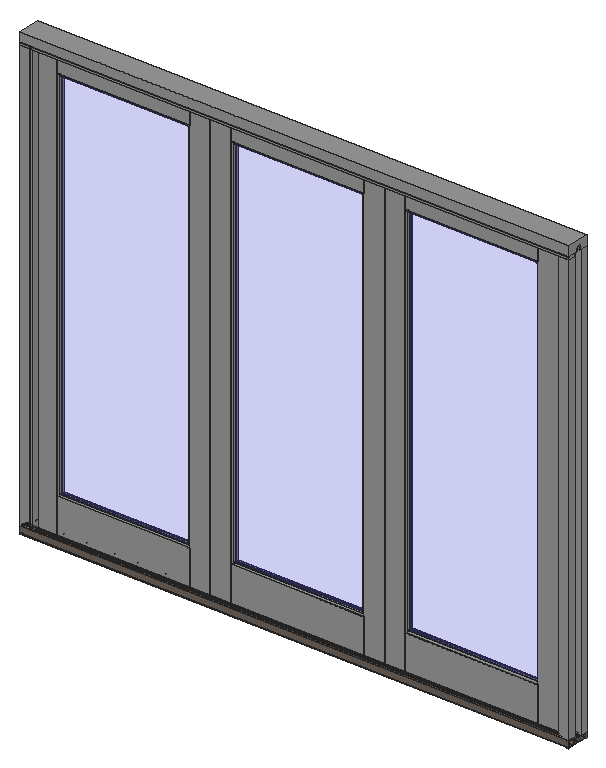
Revit family "VSFA 2560 G1 RH", category Doors, host Wall, Revit 2015
Parameters (values of type "VSFA 2560 G1 RH")
  Function = Interior
  Frame Projection Ext. = 25 mm
  Frame Projection Int. = 25 mm
  Frame Width = 75 mm
  Height = 2100 mm
  Wall Closure = By host
  Width = 2560 mm
Reference planes
  plane 1: y = 0
  plane 2 "Center (Left/Right)": x = 0
  plane 3 "Left": x = -1280
  plane 4 "Right": x = 1280
  plane 5: z = 2100
  plane 6 "Exterior": y = 75
  plane 7 "Interior": y = -75
  plane 8: x = 1205
  plane 9: x = -1235
  plane 10: x = 1204
  plane 11: x = 391
  plane 12: x = -422
Forms (mm)
  Extrusion 1, solid, material "Aluminium Cill (Bronze)"
    sketch origin (0, 79.18, -119.746) x (0, 1, 0) y (0, 0, -1)
      loop
        arc (-26.68, -120.746) -> (-26.972, -120.039) -> (-27.68, -119.746) r 1
        line (-27.68, -119.746) -> (-130.68, -119.746)
        arc (-130.68, -119.746) -> (-131.387, -120.039) -> (-131.68, -120.746) r 1
        line (-131.68, -120.746) -> (-131.68, -150.746)
        arc (-131.68, -150.746) -> (-131.387, -151.453) -> (-130.68, -151.746) r 1
        line (-130.68, -151.746) -> (-120.912, -151.746)
        arc (-120.912, -151.746) -> (-119.18, -150.746) -> (-117.447, -151.746) r 2
        line (-117.447, -151.746) -> (-112.912, -151.746)
        arc (-112.912, -151.746) -> (-111.18, -150.746) -> (-109.447, -151.746) r 2
        line (-109.447, -151.746) -> (-99.68, -151.746)
        arc (-99.68, -151.746) -> (-98.972, -151.453) -> (-98.68, -150.746) r 1
        line (-98.68, -150.746) -> (-98.68, -149.246)
        arc (-98.68, -149.246) -> (-99.18, -148.746) -> (-99.68, -149.246) r 0.5
        line (-99.68, -149.246) -> (-99.68, -150.246) -> (-100.88, -150.246) -> (-100.88, -142.734) -> (-99.68, -142.734) -> (-99.68, -143.746)
        arc (-99.68, -143.746) -> (-99.18, -144.246) -> (-98.68, -143.746) r 0.5
        line (-98.68, -143.746) -> (-98.68, -138.746) -> (-90.432, -138.746) -> (-82.18, -138.746) -> (-82.18, -135.246)
        arc (-82.18, -135.246) -> (-81.74, -134.185) -> (-80.68, -133.746) r 1.5
        line (-80.68, -133.746) -> (-75.93, -133.746) -> (-75.93, -135.746) -> (-77.363, -135.746)
        arc (-77.363, -135.746) -> (-74.68, -138.746) -> (-71.996, -135.746) r 2.7
        line (-71.996, -135.746) -> (-73.43, -135.746) -> (-73.43, -133.746) -> (-68.68, -133.746)
        arc (-68.68, -133.746) -> (-67.619, -134.185) -> (-67.18, -135.246) r 1.5
        line (-67.18, -135.246) -> (-67.18, -138.746) -> (-60.412, -138.746)
        arc (-60.412, -138.746) -> (-58.68, -137.746) -> (-56.947, -138.746) r 2
        line (-56.947, -138.746) -> (-52.412, -138.746)
        arc (-52.412, -138.746) -> (-50.68, -137.746) -> (-48.947, -138.746) r 2
        line (-48.947, -138.746) -> (-44.412, -138.746)
        arc (-44.412, -138.746) -> (-42.68, -137.746) -> (-40.947, -138.746) r 2
        line (-40.947, -138.746) -> (-29.68, -138.746)
        arc (-29.68, -138.746) -> (-27.558, -137.867) -> (-26.68, -135.746) r 3
        line (-26.68, -135.746) -> (-26.68, -120.746)
      loop
        arc (-29.68, -137.246) -> (-28.619, -136.807) -> (-28.18, -135.746) r 1.5
        line (-28.18, -135.746) -> (-28.18, -121.246) -> (-73.93, -121.246) -> (-73.93, -132.246) -> (-68.68, -132.246)
        arc (-68.68, -132.246) -> (-66.558, -133.125) -> (-65.68, -135.246) r 3
        line (-65.68, -135.246) -> (-65.68, -137.246) -> (-61.129, -137.246)
        arc (-61.129, -137.246) -> (-58.68, -136.246) -> (-56.23, -137.246) r 3.5
        line (-56.23, -137.246) -> (-53.129, -137.246)
        arc (-53.129, -137.246) -> (-50.68, -136.246) -> (-48.23, -137.246) r 3.5
        line (-48.23, -137.246) -> (-45.129, -137.246)
        arc (-45.129, -137.246) -> (-42.68, -136.246) -> (-40.23, -137.246) r 3.5
        line (-40.23, -137.246) -> (-29.68, -137.246)
      loop
        line (-75.43, -132.246) -> (-75.43, -121.246) -> (-98.68, -121.246) -> (-98.68, -137.246) -> (-83.68, -137.246) -> (-83.68, -135.246)
        arc (-83.68, -135.246) -> (-82.801, -133.125) -> (-80.68, -132.246) r 3
        line (-80.68, -132.246) -> (-75.43, -132.246)
      loop
        line (-100.18, -121.246) -> (-130.18, -121.246) -> (-130.18, -150.246) -> (-121.629, -150.246)
        arc (-121.629, -150.246) -> (-119.18, -149.246) -> (-116.73, -150.246) r 3.5
        line (-116.73, -150.246) -> (-113.629, -150.246)
        arc (-113.629, -150.246) -> (-111.18, -149.246) -> (-108.73, -150.246) r 3.5
        line (-108.73, -150.246) -> (-102.38, -150.246) -> (-102.38, -141.246) -> (-100.18, -141.246) -> (-100.18, -121.246)
    from -1280 to 1280
  Extrusion 2, solid, material "Lauan, Meranti"
    sketch origin (-122.148, 0, 0) x (0, 1, 0) y (0, 0, 1)
      loop
        line (52.5, 2100) -> (-52.5, 2100) -> (-52.5, 2055) -> (-6.5, 2055) -> (-6.5, 2075) -> (15.5, 2075) -> (15.5, 2055) -> (52.5, 2055) -> (52.5, 2100)
    from -1157.852 to 1402.148
  Extrusion 3, solid, material "Lauan, Meranti"
    sketch origin (2.986, 0, 0) x (0, 1, 0) y (0, 0, 1)
      loop
        line (-52.5, 2052) -> (-52.5, 2042) -> (-20.5, 2042) -> (-20.5, 2045.5) -> (-27.5, 2045.5) -> (-27.5, 2048.5) -> (-20.5, 2048.5) -> (-20.5, 2055) -> (-49.5, 2055) -> (-49.5, 2052) -> (-52.5, 2052)
    from -1282.986 to 1277.014
  Extrusion 4, solid, material "Lauan, Meranti"
    sketch origin (615, 0, 0) x (1, 0, 0) y (0, 1, 0)
      loop
        line (665, -52.5) -> (665, -16.5) -> (620, -16.5) -> (620, -52.5) -> (665, -52.5)
      loop
        line (665, 52.5) -> (620, 52.5) -> (620, 25.5) -> (665, 25.5) -> (665, 52.5)
      loop
        line (590, 24.5) -> (590, -15.5) -> (635, -15.5) -> (635, -5.5) -> (610, -5.5) -> (610, 14.5) -> (635, 14.5) -> (635, 24.5) -> (590, 24.5)
    from 32 to 2055
  Extrusion 5, solid, material "Lauan, Meranti"
    sketch origin (-615, 0, 0) x (1, 0, 0) y (0, 1, 0)
      loop
        line (-665, 52.5) -> (-665, -52.5) -> (-620, -52.5) -> (-620, 24.5) -> (-632, 24.5) -> (-632, 52.5) -> (-665, 52.5)
    from 32 to 2055
  Extrusion 6, solid, material "Lauan, Meranti"
    sketch origin (-615, 0, 0) x (1, 0, 0) y (0, 1, 0)
      loop
        line (-617, -52.5) -> (-607, -52.5) -> (-607, -20.5) -> (-610.5, -20.5) -> (-610.5, -27.5) -> (-613.5, -27.5) -> (-613.5, -20.5) -> (-620, -20.5) -> (-620, -49.5) -> (-617, -49.5) -> (-617, -52.5)
    from 32 to 2042
  Extrusion 7, solid, material "Steel, Chrome Plated"
    sketch origin (129.456, -1.5, 0) x (0, 1, 0) y (0, 0, -1)
      loop
        line (16.5, -2075) -> (16.5, -2055) -> (14.3, -2055) -> (14.3, -2072.8) -> (-2.3, -2072.8) -> (-2.3, -2055) -> (-4.5, -2055) -> (-4.5, -2075) -> (16.5, -2075)
    from -1150.544 to 1409.456
  Extrusion 8, solid, material "Lauan, Meranti"
    sketch origin (-615, 0, 0) x (1, 0, 0) y (0, 1, 0)
      loop
        line (-665, 52.5) -> (-665, -19.5) -> (-620, -19.5) -> (-620, 24.5) -> (-632, 24.5) -> (-632, 52.5) -> (-665, 52.5)
    from 19 to 32
  Extrusion 9, solid, material "Lauan, Meranti"
    sketch origin (615, 0, 0) x (1, 0, 0) y (0, 1, 0)
      loop
        line (620, 52.5) -> (620, 25.5) -> (665, 25.5) -> (665, 52.5) -> (620, 52.5)
      loop
        line (635, 24.5) -> (590, 24.5) -> (590, -15.5) -> (635, -15.5) -> (635, -5.5) -> (610, -5.5) -> (610, 14.5) -> (635, 14.5) -> (635, 24.5)
    from 19 to 32
  Extrusion 10, solid, material "Lauan, Meranti"
    sketch origin (1524, 0, 0) x (1, 0, 0) y (0, 1, 0)
      loop
        line (-1133, -15.5) -> (-1037, -15.5) -> (-1037, -13.5)
        arc (-1037, -13.5) -> (-1032.265, -11.94) -> (-1030, -7.5) r 6.549
        line (-1030, -7.5) -> (-1028, -7.5) -> (-1028, -5.5) -> (-1037, -5.5) -> (-1037, 24.5) -> (-1133, 24.5) -> (-1133, -15.5)
      loop
        line (-320, -15.5) -> (-320, 24.5) -> (-416, 24.5) -> (-416, -5.5) -> (-425, -5.5) -> (-425, -7.5) -> (-423, -7.5)
        arc (-423, -7.5) -> (-420.735, -11.94) -> (-416, -13.5) r 6.549
        line (-416, -13.5) -> (-416, -15.5) -> (-320, -15.5)
    from 19 to 2055
  Extrusion 11, solid, material "Lauan, Meranti"
    sketch origin (859.235, 0, 0) x (0, 1, 0) y (0, 0, 1)
      loop
        line (-15.5, 190) -> (-15.5, 19) -> (24.5, 19) -> (24.5, 190) -> (-5.5, 190) -> (-5.5, 199) -> (-7.5, 199) -> (-7.5, 197)
        arc (-7.5, 197) -> (-11.866, 194.67) -> (-13.5, 190) r 6.807
        line (-13.5, 190) -> (-15.5, 190)
      loop
        line (-7.5, 1952) -> (-7.5, 1950) -> (-5.5, 1950) -> (-5.5, 1959) -> (24.5, 1959) -> (24.5, 2055) -> (-15.5, 2055) -> (-15.5, 1959) -> (-13.5, 1959)
        arc (-13.5, 1959) -> (-11.866, 1954.33) -> (-7.5, 1952) r 6.807
    from -372.235 to 248.765
  Sweep 12, solid, material "Lauan, Meranti"
    path origin (566.876, -75, -1252.272) x (1, 0, 0) y (0, 0, 1)
      loop
        line (-79.876, 3211.272) -> (-79.876, 1442.272) -> (541.124, 1442.272) -> (541.124, 3211.272) -> (-79.876, 3211.272)
    profile origin (797.5, -75, 1959) x (0, 0, 1) y (0, -1, 0)
      loop
        line (-9, -78) -> (-9, -80) -> (-7, -80)
        arc (-7, -80) -> (-4.67, -84.366) -> (0, -86) r 6.807
        line (0, -86) -> (0, -78) -> (-9, -78)
  Extrusion 13, solid, material "Glass"
    sketch origin (835.808, -110.55, -763.769) x (1, 0, 0) y (0, 0, 1)
      loop
        line (-348.808, 2722.769) -> (-348.808, 953.769) -> (272.192, 953.769) -> (272.192, 2722.769) -> (-348.808, 2722.769)
    from -112.5 to -106.1
  Extrusion 14, solid, material "Lauan, Meranti"
    sketch origin (711, 0, 0) x (1, 0, 0) y (0, 1, 0)
      loop
        line (-1133, -15.5) -> (-1037, -15.5) -> (-1037, -13.5)
        arc (-1037, -13.5) -> (-1032.265, -11.94) -> (-1030, -7.5) r 6.549
        line (-1030, -7.5) -> (-1028, -7.5) -> (-1028, -5.5) -> (-1037, -5.5) -> (-1037, 24.5) -> (-1133, 24.5) -> (-1133, -15.5)
      loop
        line (-320, -15.5) -> (-320, 24.5) -> (-416, 24.5) -> (-416, -5.5) -> (-425, -5.5) -> (-425, -7.5) -> (-423, -7.5)
        arc (-423, -7.5) -> (-420.735, -11.94) -> (-416, -13.5) r 6.549
        line (-416, -13.5) -> (-416, -15.5) -> (-320, -15.5)
    from 19 to 2055
  Extrusion 15, solid, material "Lauan, Meranti"
    sketch origin (46.235, 0, 0) x (0, 1, 0) y (0, 0, 1)
      loop
        line (-15.5, 190) -> (-15.5, 19) -> (24.5, 19) -> (24.5, 190) -> (-5.5, 190) -> (-5.5, 199) -> (-7.5, 199) -> (-7.5, 197)
        arc (-7.5, 197) -> (-11.866, 194.67) -> (-13.5, 190) r 6.807
        line (-13.5, 190) -> (-15.5, 190)
      loop
        line (-7.5, 1952) -> (-7.5, 1950) -> (-5.5, 1950) -> (-5.5, 1959) -> (24.5, 1959) -> (24.5, 2055) -> (-15.5, 2055) -> (-15.5, 1959) -> (-13.5, 1959)
        arc (-13.5, 1959) -> (-11.866, 1954.33) -> (-7.5, 1952) r 6.807
    from -372.235 to 248.765
  Sweep 16, solid, material "Lauan, Meranti"
    path origin (-246.124, -75, -1252.272) x (1, 0, 0) y (0, 0, 1)
      loop
        line (-79.876, 3211.272) -> (-79.876, 1442.272) -> (541.124, 1442.272) -> (541.124, 3211.272) -> (-79.876, 3211.272)
    profile origin (-15.5, -75, 1959) x (0, 0, 1) y (0, -1, 0)
      loop
        line (-9, -78) -> (-9, -80) -> (-7, -80)
        arc (-7, -80) -> (-4.67, -84.366) -> (0, -86) r 6.807
        line (0, -86) -> (0, -78) -> (-9, -78)
  Extrusion 17, solid, material "Glass"
    sketch origin (22.808, -110.55, -763.769) x (1, 0, 0) y (0, 0, 1)
      loop
        line (-348.808, 2722.769) -> (-348.808, 953.769) -> (272.192, 953.769) -> (272.192, 2722.769) -> (-348.808, 2722.769)
    from -112.5 to -106.1
  Extrusion 18, solid, material "Lauan, Meranti"
    sketch origin (-102, 0, 0) x (1, 0, 0) y (0, 1, 0)
      loop
        line (-1133, -15.5) -> (-1037, -15.5) -> (-1037, -13.5)
        arc (-1037, -13.5) -> (-1032.265, -11.94) -> (-1030, -7.5) r 6.549
        line (-1030, -7.5) -> (-1028, -7.5) -> (-1028, -5.5) -> (-1037, -5.5) -> (-1037, 24.5) -> (-1133, 24.5) -> (-1133, -15.5)
      loop
        line (-320, -15.5) -> (-320, 24.5) -> (-416, 24.5) -> (-416, -5.5) -> (-425, -5.5) -> (-425, -7.5) -> (-423, -7.5)
        arc (-423, -7.5) -> (-420.735, -11.94) -> (-416, -13.5) r 6.549
        line (-416, -13.5) -> (-416, -15.5) -> (-320, -15.5)
    from 19 to 2055
  Extrusion 19, solid, material "Lauan, Meranti"
    sketch origin (-766.765, 0, 0) x (0, 1, 0) y (0, 0, 1)
      loop
        line (-15.5, 190) -> (-15.5, 19) -> (24.5, 19) -> (24.5, 190) -> (-5.5, 190) -> (-5.5, 199) -> (-7.5, 199) -> (-7.5, 197)
        arc (-7.5, 197) -> (-11.866, 194.67) -> (-13.5, 190) r 6.807
        line (-13.5, 190) -> (-15.5, 190)
      loop
        line (-7.5, 1952) -> (-7.5, 1950) -> (-5.5, 1950) -> (-5.5, 1959) -> (24.5, 1959) -> (24.5, 2055) -> (-15.5, 2055) -> (-15.5, 1959) -> (-13.5, 1959)
        arc (-13.5, 1959) -> (-11.866, 1954.33) -> (-7.5, 1952) r 6.807
    from -372.235 to 248.765
  Sweep 20, solid, material "Lauan, Meranti"
    path origin (-1059.124, -75, -1252.272) x (1, 0, 0) y (0, 0, 1)
      loop
        line (-79.876, 3211.272) -> (-79.876, 1442.272) -> (541.124, 1442.272) -> (541.124, 3211.272) -> (-79.876, 3211.272)
    profile origin (-828.5, -75, 1959) x (0, 0, 1) y (0, -1, 0)
      loop
        line (-9, -78) -> (-9, -80) -> (-7, -80)
        arc (-7, -80) -> (-4.67, -84.366) -> (0, -86) r 6.807
        line (0, -86) -> (0, -78) -> (-9, -78)
  Extrusion 21, solid, material "Glass"
    sketch origin (-790.192, -110.55, -763.769) x (1, 0, 0) y (0, 0, 1)
      loop
        line (-348.808, 2722.769) -> (-348.808, 953.769) -> (272.192, 953.769) -> (272.192, 2722.769) -> (-348.808, 2722.769)
    from -112.5 to -106.1
Cuts and joins
  joined: Extrusion 4, Extrusion 9
  joined: Extrusion 5, Extrusion 8
Lines and regions (mm)
  Opening 1
    outline origin (-5000, 75, 0) x (-1, 0, 0) y (0, 0, 1)
      loop
        line (-6280, 0) -> (-3720, 0) -> (-3720, 2100) -> (-6280, 2100) -> (-6280, 0)
  model lines
    curve 1: line (1205, 24.5, 0) -> (798.5, 728.579, 0)
    curve 2: line (798.5, 728.579, 0) -> (763.859, 708.579, 0)
    curve 3: line (763.859, 708.579, 0) -> (1170.359, 4.5, 0)
    curve 4: line (322.718, 24.5, 0) -> (729.218, 728.579, 0)
    curve 5: line (729.218, 728.579, 0) -> (763.859, 708.579, 0)
    curve 6: line (763.859, 708.579, 0) -> (357.359, 4.5, 0)
    curve 7: line (322.718, 24.5, 0) -> (-83.782, 728.579, 0)
    curve 8: line (-83.782, 728.579, 0) -> (-118.423, 708.579, 0)
    curve 9: line (288.077, 4.5, 0) -> (-118.423, 708.579, 0)
    curve 10: line (634.802, 99.5, 1050) -> (809.802, 99.5, 1050)
    curve 11: line (948.879, 99.5, 1050) -> (809.802, 99.5, 1106.191)
    curve 12: line (809.802, 99.5, 1106.191) -> (809.802, 99.5, 993.809)
    curve 13: line (948.879, 99.5, 1050) -> (809.802, 99.5, 993.809)
    curve 14: line (-178.198, 99.5, 1050) -> (-3.198, 99.5, 1050)
    curve 15: line (135.879, 99.5, 1050) -> (-3.198, 99.5, 1106.191)
    curve 16: line (-3.198, 99.5, 1106.191) -> (-3.198, 99.5, 993.809)
    curve 17: line (135.879, 99.5, 1050) -> (-3.198, 99.5, 993.809)
    curve 18: line (-991.198, 99.5, 1050) -> (-816.198, 99.5, 1050)
    curve 19: line (-677.121, 99.5, 1050) -> (-816.198, 99.5, 1106.191)
    curve 20: line (-816.198, 99.5, 1106.191) -> (-816.198, 99.5, 993.809)
    curve 21: line (-677.121, 99.5, 1050) -> (-816.198, 99.5, 993.809)
Text (mm)
  text "Exterior" at (-2295.016, 1099.543, 0), in view "Ref. Level"
  text "Exterior" at (0, 1615.38, 3698.081), in view "Left"
  text "Exterior" at (0, 1036.032, 3874.932), in view "Right"
Dimensions and locks
  equal spacing: plane 3 "Left", plane 2 "Center (Left/Right)", plane 4 "Right"
  "Width": plane 3 "Left" to plane 4 "Right"
  "Height": plane 5 to host wall
  host wall to plane 5 = 2100 mm  (x2)
  locked: plane 6 "Exterior" to host wall at 0
  locked: plane 7 "Interior" to host wall
  plane 3 "Left" to plane 4 "Right" = 2560 mm
  aligned and locked: plane 1 to host wall
  aligned and locked: Opening 1 sketch curve to level
  aligned and locked: Extrusion 11 to Extrusion 10
  aligned and locked: Extrusion 13 to Extrusion 11  (x2)
  aligned and locked: Extrusion 13 to Extrusion 10
  aligned and locked: Sweep 12 sketch curve to Extrusion 11  (x2)
  aligned and locked: Extrusion 10 to Sweep 12 sketch curve
  aligned and locked: Extrusion 15 to Extrusion 14
  aligned and locked: Extrusion 17 to Extrusion 15  (x2)
  aligned and locked: Extrusion 17 to Extrusion 14
  aligned and locked: Sweep 16 sketch curve to Extrusion 15  (x2)
  aligned and locked: Extrusion 14 to Sweep 16 sketch curve
  aligned and locked: Extrusion 19 to Extrusion 18
  aligned and locked: Extrusion 21 to Extrusion 19  (x2)
  aligned and locked: Extrusion 21 to Extrusion 18
  aligned and locked: Sweep 20 sketch curve to Extrusion 19  (x2)
  aligned and locked: Extrusion 18 to Sweep 20 sketch curve
Automatic sketch dimensions
  plane 12 to curve 20 = 394.198 mm
  curve 18 to curve 19 = 139.078 mm
  curve 16 to plane 2 "Center (Left/Right)" = 3.198 mm
  plane 2 "Center (Left/Right)" to curve 15 = 135.879 mm
  plane 10 to curve 13 = 394.198 mm
  curve 10 to curve 11 = 139.078 mm
  level to curve 13 = 993.809 mm
  curve 17 to curve 12 = 0 mm
  curve 20 to curve 16 = 0 mm
  curve 20 to curve 19 = 56.191 mm
  curve 12 to curve 11 = 56.191 mm
  curve 16 to curve 17 = 56.191 mm
  curve 16 to curve 16 = 112.382 mm
  curve 12 to curve 12 = 112.382 mm
  curve 20 to curve 19 = 112.382 mm
  curve 18 to curve 18 = 175 mm
  curve 14 to curve 14 = 175 mm
  curve 10 to curve 10 = 175 mm
  curve 20 to curve 18 = 56.191 mm
  curve 10 to curve 11 = 56.191 mm
  curve 14 to curve 15 = 56.191 mm
  plane 4 "Right" to Opening 1 sketch curve = 0 mm
  plane 3 "Left" to Opening 1 sketch curve = 0 mm
  Opening 1 sketch curve to plane 5 = 0 mm
  Extrusion 1 sketch curve to level = 0 mm
  level to Extrusion 1 sketch curve = 1 mm
  Extrusion 1 sketch curve to host wall = 22.5 mm
  Extrusion 1 sketch curve to Extrusion 1 sketch curve = 1 mm  (x7)
  Extrusion 1 sketch curve to Extrusion 1 sketch curve = 0.5 mm  (x8)
  Extrusion 1 sketch curve to Extrusion 1 sketch curve = 8.551 mm
  Extrusion 1 sketch curve to Extrusion 1 sketch curve = 0.717 mm  (x10)
  Extrusion 1 sketch curve to Extrusion 1 sketch curve = 1.732 mm  (x10)
  Extrusion 1 sketch curve to Extrusion 1 sketch curve = 0 mm  (x24)
  Extrusion 1 sketch curve to Extrusion 1 sketch curve = 3.101 mm  (x3)
  Extrusion 1 sketch curve to Extrusion 1 sketch curve = 6.351 mm
  Extrusion 1 sketch curve to Extrusion 1 sketch curve = 1.5 mm  (x15)
  Extrusion 1 sketch curve to Extrusion 1 sketch curve = 0.7 mm
  level to Extrusion 1 sketch curve = 1.5 mm  (x3)
  Extrusion 1 sketch curve to Extrusion 1 sketch curve = 1.2 mm  (x2)
  Extrusion 1 sketch curve to Extrusion 1 sketch curve = 8.248 mm
  host wall to Extrusion 1 sketch curve = 4.5 mm
  host wall to Extrusion 1 sketch curve = 1.5 mm  (x2)
  Extrusion 1 sketch curve to host wall = 1.817 mm
  Extrusion 1 sketch curve to Extrusion 1 sketch curve = 1.433 mm  (x3)
  Extrusion 1 sketch curve to host wall = 3.75 mm
  Extrusion 1 sketch curve to Extrusion 1 sketch curve = 1.25 mm  (x2)
  Extrusion 1 sketch curve to Extrusion 1 sketch curve = 3.317 mm
  Extrusion 1 sketch curve to Extrusion 1 sketch curve = 4.551 mm
  Extrusion 1 sketch curve to Extrusion 1 sketch curve = 10.551 mm
  Extrusion 1 sketch curve to Extrusion 1 sketch curve = 11 mm
  Extrusion 1 sketch curve to Extrusion 1 sketch curve = 14.5 mm
  Extrusion 1 sketch curve to Extrusion 1 sketch curve = 2 mm  (x5)
  Extrusion 1 sketch curve to Extrusion 1 sketch curve = 0.3 mm
  Extrusion 1 sketch curve to Extrusion 1 sketch curve = 2.5 mm
  Extrusion 1 sketch curve to Extrusion 1 sketch curve = 1.488 mm
  Extrusion 1 sketch curve to Extrusion 1 sketch curve = 1.012 mm
  Extrusion 1 sketch curve to Extrusion 1 sketch curve = 5.5 mm
  Extrusion 1 sketch curve to Extrusion 1 sketch curve = 9 mm
  curve 1 to plane 8 = 0 mm
  plane 10 to curve 1 = 405.5 mm
  curve 3 to curve 1 = 34.641 mm
  curve 4 to curve 2 = 34.641 mm
  curve 7 to host wall = 24.5 mm
  plane 11 to curve 7 = 68.282 mm
  curve 7 to plane 2 "Center (Left/Right)" = 83.782 mm
  curve 9 to curve 7 = 34.641 mm
  host wall to curve 3 = 633.579 mm
  host wall to curve 8 = 633.579 mm
  curve 2 to curve 1 = 20 mm
  curve 3 to host wall = 4.5 mm
  curve 6 to host wall = 4.5 mm
  curve 9 to host wall = 4.5 mm
  plane 5 to Extrusion 2 sketch curve = 0 mm
  Extrusion 2 sketch curve to host wall = 22.5 mm  (x2)
  host wall to Extrusion 2 sketch curve = 6.5 mm
  Extrusion 2 sketch curve to host wall = 15.5 mm
  plane 5 to Extrusion 2 sketch curve = 25 mm
  Extrusion 2 sketch curve to Extrusion 2 sketch curve = 20 mm  (x2)
  Extrusion 3 sketch curve to host wall = 22.5 mm
  Extrusion 3 sketch curve to Extrusion 3 sketch curve = 3 mm  (x2)
  Extrusion 3 sketch curve to Extrusion 3 sketch curve = 22 mm
  Extrusion 3 sketch curve to Extrusion 3 sketch curve = 7 mm
  Extrusion 3 sketch curve to Extrusion 3 sketch curve = 0 mm
  plane 5 to Extrusion 3 sketch curve = 58 mm
  Extrusion 3 sketch curve to Extrusion 3 sketch curve = 3.5 mm
  Extrusion 3 sketch curve to Extrusion 3 sketch curve = 10 mm
  Extrusion 3 sketch curve to Extrusion 3 sketch curve = 6.5 mm
  Extrusion 4 sketch curve to plane 8 = 0 mm
  Extrusion 4 sketch curve to plane 4 "Right" = 0 mm  (x2)
  Extrusion 4 sketch curve to plane 8 = 20 mm
  Extrusion 4 sketch curve to plane 8 = 30 mm  (x2)
  Extrusion 4 sketch curve to Extrusion 4 sketch curve = 15 mm  (x2)
  Extrusion 4 sketch curve to host wall = 22.5 mm  (x2)
  host wall to Extrusion 4 sketch curve = 16.5 mm
  Extrusion 4 sketch curve to Extrusion 4 sketch curve = 1 mm
  host wall to Extrusion 4 sketch curve = 5.5 mm
  Extrusion 4 sketch curve to host wall = 14.5 mm
  Extrusion 4 sketch curve to Extrusion 4 sketch curve = 10 mm
  Extrusion 4 sketch curve to Extrusion 4 sketch curve = 11 mm
  Extrusion 5 sketch curve to plane 3 "Left" = 0 mm
  Extrusion 5 sketch curve to plane 9 = 0 mm
  Extrusion 5 sketch curve to Extrusion 5 sketch curve = 12 mm
  Extrusion 5 sketch curve to host wall = 22.5 mm  (x2)
  Extrusion 5 sketch curve to host wall = 24.5 mm
  Extrusion 6 sketch curve to plane 9 = 0 mm
  Extrusion 6 sketch curve to plane 9 = 3 mm
  Extrusion 6 sketch curve to Extrusion 6 sketch curve = 6.5 mm
  Extrusion 6 sketch curve to Extrusion 6 sketch curve = 3 mm  (x2)
  Extrusion 6 sketch curve to Extrusion 6 sketch curve = 10 mm
  Extrusion 6 sketch curve to host wall = 22.5 mm
  Extrusion 6 sketch curve to Extrusion 6 sketch curve = 22 mm
  Extrusion 6 sketch curve to Extrusion 6 sketch curve = 7 mm
  Extrusion 6 sketch curve to Extrusion 6 sketch curve = 0 mm
  host wall to Extrusion 7 sketch curve = 6 mm
  Extrusion 7 sketch curve to Extrusion 7 sketch curve = 2.2 mm  (x3)
  Extrusion 7 sketch curve to host wall = 12.8 mm
  plane 5 to Extrusion 7 sketch curve = 25 mm
  Extrusion 7 sketch curve to Extrusion 7 sketch curve = 17.8 mm  (x2)
  Extrusion 8 sketch curve to plane 3 "Left" = 0 mm
  Extrusion 8 sketch curve to plane 9 = 0 mm
  plane 9 to Extrusion 8 sketch curve = 12 mm
  host wall to Extrusion 8 sketch curve = 19.5 mm
  Extrusion 8 sketch curve to host wall = 24.5 mm
  Extrusion 8 sketch curve to host wall = 22.5 mm
  Extrusion 9 sketch curve to plane 8 = 0 mm
  Extrusion 9 sketch curve to plane 4 "Right" = 0 mm
  host wall to Extrusion 9 sketch curve = 5.5 mm
  Extrusion 9 sketch curve to plane 8 = 20 mm
  Extrusion 9 sketch curve to plane 8 = 30 mm
  Extrusion 9 sketch curve to Extrusion 9 sketch curve = 15 mm
  Extrusion 9 sketch curve to Extrusion 9 sketch curve = 25 mm
  Extrusion 9 sketch curve to Extrusion 9 sketch curve = 10 mm  (x2)
  Extrusion 9 sketch curve to host wall = 14.5 mm
  Extrusion 9 sketch curve to host wall = 25.5 mm
  Extrusion 9 sketch curve to host wall = 22.5 mm
  Extrusion 10 sketch curve to plane 11 = 0 mm
  Extrusion 10 sketch curve to plane 10 = 0 mm
  host wall to Extrusion 10 sketch curve = 13.5 mm
  Extrusion 10 sketch curve to plane 11 = 96 mm
  Extrusion 10 sketch curve to Extrusion 10 sketch curve = 0 mm
  Extrusion 10 sketch curve to Extrusion 10 sketch curve = 0.473 mm  (x3)
  Extrusion 10 sketch curve to Extrusion 10 sketch curve = 6.527 mm  (x2)
  Extrusion 10 sketch curve to Extrusion 10 sketch curve = 2 mm  (x4)
  host wall to Extrusion 10 sketch curve = 5.5 mm
  plane 10 to Extrusion 10 sketch curve = 105 mm
  host wall to Extrusion 10 sketch curve = 15.5 mm  (x2)
  host wall to Extrusion 10 sketch curve = 7.5 mm
  Extrusion 10 sketch curve to Extrusion 10 sketch curve = 1.468 mm
  Extrusion 10 sketch curve to host wall = 24.5 mm  (x2)
  host wall to Extrusion 11 sketch curve = 15.5 mm  (x2)
  Extrusion 11 sketch curve to Extrusion 11 sketch curve = 2 mm  (x6)
  host wall to Extrusion 11 sketch curve = 7.5 mm  (x2)
  host wall to Extrusion 11 sketch curve = 6.697 mm  (x2)
  Extrusion 11 sketch curve to host wall = 24.5 mm  (x2)
  level to Extrusion 11 sketch curve = 19 mm
  Extrusion 11 sketch curve to Extrusion 11 sketch curve = 171 mm
  Extrusion 11 sketch curve to Extrusion 11 sketch curve = 0 mm
  Extrusion 11 sketch curve to Extrusion 11 sketch curve = 0.241 mm  (x2)
  plane 5 to Extrusion 11 sketch curve = 150 mm
  Extrusion 11 sketch curve to Extrusion 11 sketch curve = 6.759 mm
  plane 5 to Extrusion 11 sketch curve = 45 mm
  Sweep 12 sketch curve to plane 11 = 96 mm
  profile plane to Sweep 12 sketch curve = 0 mm
  profile plane to Sweep 12 sketch curve = 0.241 mm
  Sweep 12 sketch curve to Sweep 12 sketch curve = 6.759 mm
  Sweep 12 sketch curve to Sweep 12 sketch curve = 2 mm  (x2)
  Sweep 12 sketch curve to profile plane = 86 mm
  Sweep 12 sketch curve to Sweep 12 sketch curve = 6 mm
  Extrusion 13 sketch curve to plane 11 = 96 mm
  plane 10 to Extrusion 13 sketch curve = 96 mm
  level to Extrusion 13 sketch curve = 190 mm
  plane 5 to Extrusion 13 sketch curve = 141 mm
  Extrusion 14 sketch curve to plane 12 = 0 mm
  Extrusion 14 sketch curve to plane 11 = 0 mm
  host wall to Extrusion 14 sketch curve = 13.5 mm
  Extrusion 14 sketch curve to plane 12 = 96 mm
  Extrusion 14 sketch curve to Extrusion 14 sketch curve = 0 mm
  Extrusion 14 sketch curve to Extrusion 14 sketch curve = 0.473 mm  (x3)
  Extrusion 14 sketch curve to Extrusion 14 sketch curve = 6.527 mm  (x2)
  Extrusion 14 sketch curve to Extrusion 14 sketch curve = 2 mm  (x4)
  host wall to Extrusion 14 sketch curve = 5.5 mm
  plane 11 to Extrusion 14 sketch curve = 105 mm
  host wall to Extrusion 14 sketch curve = 15.5 mm  (x2)
  host wall to Extrusion 14 sketch curve = 7.5 mm
  Extrusion 14 sketch curve to Extrusion 14 sketch curve = 1.468 mm
  Extrusion 14 sketch curve to host wall = 24.5 mm  (x2)
  host wall to Extrusion 15 sketch curve = 15.5 mm  (x2)
  Extrusion 15 sketch curve to Extrusion 15 sketch curve = 2 mm  (x6)
  host wall to Extrusion 15 sketch curve = 7.5 mm  (x2)
  host wall to Extrusion 15 sketch curve = 6.697 mm  (x2)
  Extrusion 15 sketch curve to host wall = 24.5 mm  (x2)
  level to Extrusion 15 sketch curve = 19 mm
  Extrusion 15 sketch curve to Extrusion 15 sketch curve = 171 mm
  Extrusion 15 sketch curve to Extrusion 15 sketch curve = 0 mm
  Extrusion 15 sketch curve to Extrusion 15 sketch curve = 0.241 mm  (x2)
  plane 5 to Extrusion 15 sketch curve = 150 mm
  Extrusion 15 sketch curve to Extrusion 15 sketch curve = 6.759 mm
  plane 5 to Extrusion 15 sketch curve = 45 mm
  Sweep 16 sketch curve to plane 12 = 96 mm
  profile plane to Sweep 16 sketch curve = 0 mm
  profile plane to Sweep 16 sketch curve = 0.241 mm
  Sweep 16 sketch curve to Sweep 16 sketch curve = 6.759 mm
  Sweep 16 sketch curve to Sweep 16 sketch curve = 2 mm  (x2)
  Sweep 16 sketch curve to profile plane = 86 mm
  Sweep 16 sketch curve to Sweep 16 sketch curve = 6 mm
  Extrusion 17 sketch curve to plane 12 = 96 mm
  plane 11 to Extrusion 17 sketch curve = 96 mm
  level to Extrusion 17 sketch curve = 190 mm
  plane 5 to Extrusion 17 sketch curve = 141 mm
  Extrusion 18 sketch curve to plane 9 = 0 mm
  Extrusion 18 sketch curve to plane 12 = 0 mm
  host wall to Extrusion 18 sketch curve = 13.5 mm
  Extrusion 18 sketch curve to plane 9 = 96 mm
  Extrusion 18 sketch curve to Extrusion 18 sketch curve = 0 mm
  Extrusion 18 sketch curve to Extrusion 18 sketch curve = 0.473 mm  (x3)
  Extrusion 18 sketch curve to Extrusion 18 sketch curve = 6.527 mm  (x2)
  Extrusion 18 sketch curve to Extrusion 18 sketch curve = 2 mm  (x4)
  host wall to Extrusion 18 sketch curve = 5.5 mm
  plane 12 to Extrusion 18 sketch curve = 105 mm
  host wall to Extrusion 18 sketch curve = 15.5 mm  (x2)
  host wall to Extrusion 18 sketch curve = 7.5 mm
  Extrusion 18 sketch curve to Extrusion 18 sketch curve = 1.468 mm
  Extrusion 18 sketch curve to host wall = 24.5 mm  (x2)
  host wall to Extrusion 19 sketch curve = 15.5 mm  (x2)
  Extrusion 19 sketch curve to Extrusion 19 sketch curve = 2 mm  (x6)
  host wall to Extrusion 19 sketch curve = 7.5 mm  (x2)
  host wall to Extrusion 19 sketch curve = 6.697 mm  (x2)
  Extrusion 19 sketch curve to host wall = 24.5 mm  (x2)
  level to Extrusion 19 sketch curve = 19 mm
  Extrusion 19 sketch curve to Extrusion 19 sketch curve = 171 mm
  Extrusion 19 sketch curve to Extrusion 19 sketch curve = 0 mm
  Extrusion 19 sketch curve to Extrusion 19 sketch curve = 0.241 mm  (x2)
  plane 5 to Extrusion 19 sketch curve = 150 mm
  Extrusion 19 sketch curve to Extrusion 19 sketch curve = 6.759 mm
  plane 5 to Extrusion 19 sketch curve = 45 mm
  Sweep 20 sketch curve to plane 9 = 96 mm
  profile plane to Sweep 20 sketch curve = 0 mm
  profile plane to Sweep 20 sketch curve = 0.241 mm
  Sweep 20 sketch curve to Sweep 20 sketch curve = 6.759 mm
  Sweep 20 sketch curve to Sweep 20 sketch curve = 2 mm  (x2)
  Sweep 20 sketch curve to profile plane = 86 mm
  Sweep 20 sketch curve to Sweep 20 sketch curve = 6 mm
  Extrusion 21 sketch curve to plane 9 = 96 mm
  plane 12 to Extrusion 21 sketch curve = 96 mm
  level to Extrusion 21 sketch curve = 190 mm
  plane 5 to Extrusion 21 sketch curve = 141 mm
